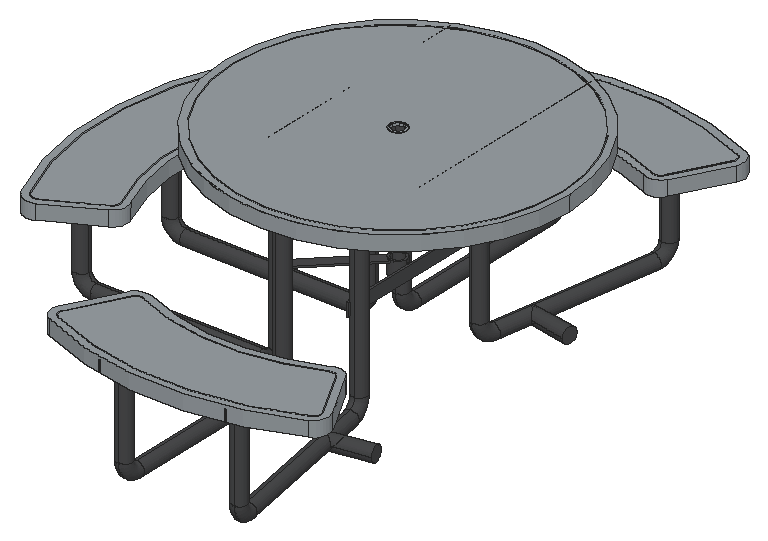
Revit family "OF-T46ROx-ADA", category Furniture, Revit 2020
Family settings
  Work Plane-Based = No
  Always vertical = Yes
  Cut with Voids When Loaded = No
  Shared = No
  Room Calculation Point = No
Parameters (values of type "OF-T46ROP-ADA")
  Top Panel [instance] = Getzen Gray Expanded
  Top Frame [instance] = Getzen Gray Solid
  Seat Panel [instance] = Getzen Gray Expanded
  Seat Frame [instance] = Getzen Gray Solid
  HS Seat Count = 6
  Frame [instance] = Getzen Black Solid
  Surface Mount = no
  Mount = no
  Model = "OF-T46ROP-ADA"
  In Ground = no
  ES Seat Count = 6
  Default Elevation = 0' - 0"
Types (3): name | Surface Mount | Mount | Model | In Ground
  OF-T46ROP-ADA | no | no | "OF-T46ROP-ADA" | no
  OF-T46ROSM-ADA | yes | yes | "OF-T46ROSM-ADA" | no
  OF-T46ROIG-ADA | no | yes | "OF-T46ROIG-ADA" | yes
Reference planes (in)
  plane 1 "Center (Front/Back)": y = 0
  plane 2: z = 0
  plane 3 "Center (Left/Right)": x = 0
  plane 4 "29"": z = 29.5
  plane 5 "Seat Height": z = 16.5
Forms (in)
  Extrusion 1, solid, material "Getzen Gray Solid" <- "Seat Frame"
    sketch origin (0, 0, 0) x (1, 0, 0) y (0, 1, 0)
      loop
        arc (-36.58456, -17.37296) -> (-35.39958, -18.41597) -> (-33.8273, -18.27467) r 2
        line (-33.8273, -18.27467) -> (-26.99715, -14.58479)
        arc (-26.99715, -14.58479) -> (-26.05096, -13.45927) -> (-26.13003, -11.991) r 2
        arc (-26.13003, -11.991) -> (-28.75, 0) -> (-26.13003, 11.991) r 28.75
        arc (-26.13003, 11.991) -> (-26.05096, 13.45927) -> (-26.99715, 14.58479) r 2
        line (-26.99715, 14.58479) -> (-33.8273, 18.27467)
        arc (-33.8273, 18.27467) -> (-35.39958, 18.41597) -> (-36.58456, 17.37296) r 2
        arc (-36.58456, 17.37296) -> (-40.5, 0) -> (-36.58456, -17.37296) r 40.5
      loop
        arc (-35.68124, 16.944) -> (-39.5, 0) -> (-35.68124, -16.944) r 39.5
        arc (-35.68124, -16.944) -> (-35.08875, -17.4655) -> (-34.30261, -17.39486) r 1
        line (-34.30261, -17.39486) -> (-27.47246, -13.70497)
        arc (-27.47246, -13.70497) -> (-26.99936, -13.14221) -> (-27.0389, -12.40808) r 1
        arc (-27.0389, -12.40808) -> (-29.75, 0) -> (-27.0389, 12.40808) r 29.75
        arc (-27.0389, 12.40808) -> (-26.99936, 13.14221) -> (-27.47246, 13.70497) r 1
        line (-27.47246, 13.70497) -> (-34.30261, 17.39486)
        arc (-34.30261, 17.39486) -> (-35.08875, 17.4655) -> (-35.68124, 16.944) r 1
    from 14.5 to 16.5
  Extrusion 2, solid, material "Getzen Gray Expanded" <- "Seat Panel"
    sketch origin (0, 0, 0) x (1, 0, 0) y (0, 1, 0)
      loop
        arc (-34.30261, 17.39486) -> (-35.08875, 17.4655) -> (-35.68124, 16.944) r 1
        arc (-35.68124, 16.944) -> (-39.5, 0) -> (-35.68124, -16.944) r 39.5
        arc (-35.68124, -16.944) -> (-35.08875, -17.4655) -> (-34.30261, -17.39486) r 1
        line (-34.30261, -17.39486) -> (-27.47246, -13.70497)
        arc (-27.47246, -13.70497) -> (-26.99936, -13.14221) -> (-27.0389, -12.40808) r 1
        arc (-27.0389, -12.40808) -> (-29.75, 0) -> (-27.0389, 12.40808) r 29.75
        arc (-27.0389, 12.40808) -> (-26.99936, 13.14221) -> (-27.47246, 13.70497) r 1
        line (-27.47246, 13.70497) -> (-34.30261, 17.39486)
    from 16.375 to 16.5
  Extrusion 3, solid, material "Getzen Gray Solid" <- "Top Frame"
    sketch origin (0, 0, 0) x (1, 0, 0) y (0, 1, 0)
      loop
        circle (0, 0) r 23
      loop
        circle (0, 0) r 22
    from 27.5 to 29.5
  Extrusion 4, solid, material "Getzen Gray Expanded" <- "Top Panel"
    sketch origin (0, 0, 0) x (1, 0, 0) y (0, 1, 0)
      loop
        circle (0, 0) r 22
      loop
        circle (0, 0) r 1.128
    from 29.375 to 29.5
  Extrusion 5, solid, material "Getzen Gray Solid" <- "Top Frame"
    sketch origin (0, 0, 1.5) x (0, 1, 0) y (0, 0, 1)
      loop
        line (8.5, 13) -> (8.5, 14.5) -> (8.375, 14.5) -> (8.375, 13.125) -> (6.5, 13.125) -> (6.5, 13) -> (8.5, 13)
      loop
        line (-8.5, 13) -> (-6.5, 13) -> (-6.5, 13.125) -> (-8.375, 13.125) -> (-8.375, 14.5) -> (-8.5, 14.5) -> (-8.5, 13)
    from -28.36081 to -39.48813
  Sweep 6, solid, material "Getzen Black Solid" <- "Frame"
    path origin (0, 0, 0) x (1, 0, 0) y (0, 0, 1)
      loop
        line (-10, 27.5) -> (-10, 3)
        arc (-10, 3) -> (-10.58579, 1.58579) -> (-12, 1) r 2
        line (-12, 1) -> (-34.375, 1)
        arc (-34.375, 1) -> (-35.78921, 1.58579) -> (-36.375, 3) r 2
        line (-36.375, 3) -> (-36.375, 14.5)
    profile origin (-10, 0, 15.25) x (0, -1, 0) y (1, 0, 0)
      loop
        circle (7.5, 0) r 1
  Sweep 7, solid, material "Getzen Black Solid" <- "Frame"
    path origin (0, -0.5, 0) x (1, 0, 0) y (0, 0, -1)
      loop
        line (-10, -27.5) -> (-10, -3)
        arc (-10, -3) -> (-10.58579, -1.58579) -> (-12, -1) r 2
        line (-12, -1) -> (-34.375, -1)
        arc (-34.375, -1) -> (-35.78921, -1.58579) -> (-36.375, -3) r 2
        line (-36.375, -3) -> (-36.375, -14.5)
    profile origin (-10, -0.5, 15.25) x (0, 1, 0) y (-1, 0, 0)
      loop
        circle (8, 0) r 1
  Extrusion 8, solid, material "Getzen Gray Solid" <- "Top Frame"
    sketch origin (0, 0, 0) x (1, 0, 0) y (0, 1, 0)
      loop
        line (-9.375, 9.375) -> (-9.375, -9.375) -> (9.375, -9.375) -> (9.375, 9.375) -> (-9.375, 9.375)
      loop
        line (9.625, 9.375) -> (20.375, 9.375) -> (20.125, 9.625) -> (9.625, 9.625) -> (9.625, 20.28281) -> (9.375, 20.375) -> (9.375, 9.625) -> (-9.375, 9.625) -> (-9.375, 20.375) -> (-9.625, 20.28281) -> (-9.625, 9.625) -> (-20.125, 9.625) -> (-20.375, 9.375) -> (-9.625, 9.375) -> (-9.625, -9.375) -> (-20.375, -9.375) -> (-20.125, -9.625) -> (-9.625, -9.625) -> (-9.625, -20.28281) -> (-9.375, -20.375) -> (-9.375, -9.625) -> (9.375, -9.625) -> (9.375, -20.375) -> (9.625, -20.28281) -> (9.625, -9.625) -> (20.125, -9.625) -> (20.375, -9.375) -> (9.625, -9.375) -> (9.625, 9.375)
    from 27.5 to 29.375
  Extrusion 9, solid, material "Getzen Gray Solid" <- "Seat Frame"
    sketch origin (0, 0, 0) x (0, 1, 0) y (-1, 0, 0)
      loop
        arc (-36.58456, -17.37296) -> (-35.39958, -18.41597) -> (-33.8273, -18.27467) r 2
        line (-33.8273, -18.27467) -> (-26.99715, -14.58479)
        arc (-26.99715, -14.58479) -> (-26.05096, -13.45927) -> (-26.13003, -11.991) r 2
        arc (-26.13003, -11.991) -> (-28.75, 0) -> (-26.13003, 11.991) r 28.75
        arc (-26.13003, 11.991) -> (-26.05096, 13.45927) -> (-26.99715, 14.58479) r 2
        line (-26.99715, 14.58479) -> (-33.8273, 18.27467)
        arc (-33.8273, 18.27467) -> (-35.39958, 18.41597) -> (-36.58456, 17.37296) r 2
        arc (-36.58456, 17.37296) -> (-40.5, 0) -> (-36.58456, -17.37296) r 40.5
      loop
        arc (-35.68124, 16.944) -> (-39.5, 0) -> (-35.68124, -16.944) r 39.5
        arc (-35.68124, -16.944) -> (-35.08875, -17.4655) -> (-34.30261, -17.39486) r 1
        line (-34.30261, -17.39486) -> (-27.47246, -13.70497)
        arc (-27.47246, -13.70497) -> (-26.99936, -13.14221) -> (-27.0389, -12.40808) r 1
        arc (-27.0389, -12.40808) -> (-29.75, 0) -> (-27.0389, 12.40808) r 29.75
        arc (-27.0389, 12.40808) -> (-26.99936, 13.14221) -> (-27.47246, 13.70497) r 1
        line (-27.47246, 13.70497) -> (-34.30261, 17.39486)
        arc (-34.30261, 17.39486) -> (-35.08875, 17.4655) -> (-35.68124, 16.944) r 1
    from 14.5 to 16.5
  Extrusion 10, solid, material "Getzen Gray Expanded" <- "Seat Panel"
    sketch origin (0, 0, 0) x (0, 1, 0) y (-1, 0, 0)
      loop
        arc (-34.30261, 17.39486) -> (-35.08875, 17.4655) -> (-35.68124, 16.944) r 1
        arc (-35.68124, 16.944) -> (-39.5, 0) -> (-35.68124, -16.944) r 39.5
        arc (-35.68124, -16.944) -> (-35.08875, -17.4655) -> (-34.30261, -17.39486) r 1
        line (-34.30261, -17.39486) -> (-27.47246, -13.70497)
        arc (-27.47246, -13.70497) -> (-26.99936, -13.14221) -> (-27.0389, -12.40808) r 1
        arc (-27.0389, -12.40808) -> (-29.75, 0) -> (-27.0389, 12.40808) r 29.75
        arc (-27.0389, 12.40808) -> (-26.99936, 13.14221) -> (-27.47246, 13.70497) r 1
        line (-27.47246, 13.70497) -> (-34.30261, 17.39486)
    from 16.375 to 16.5
  Extrusion 11, solid, material "Getzen Gray Solid" <- "Top Frame"
    sketch origin (0, 0, 1.5) x (-1, 0, 0) y (0, 0, 1)
      loop
        line (8.5, 13) -> (8.5, 14.5) -> (8.375, 14.5) -> (8.375, 13.125) -> (6.5, 13.125) -> (6.5, 13) -> (8.5, 13)
      loop
        line (-8.5, 13) -> (-6.5, 13) -> (-6.5, 13.125) -> (-8.375, 13.125) -> (-8.375, 14.5) -> (-8.5, 14.5) -> (-8.5, 13)
    from -28.36081 to -39.48813
  Extrusion 12, solid, material "Getzen Gray Solid" <- "Seat Frame"
    sketch origin (0, 0, 0) x (0, -1, 0) y (1, 0, 0)
      loop
        arc (-36.58456, 17.37296) -> (-40.5, 0) -> (-36.58456, -17.37296) r 40.5
        arc (-36.58456, -17.37296) -> (-35.39958, -18.41597) -> (-33.8273, -18.27467) r 2
        line (-33.8273, -18.27467) -> (-26.99715, -14.58479)
        arc (-26.99715, -14.58479) -> (-26.05096, -13.45927) -> (-26.13003, -11.991) r 2
        arc (-26.13003, -11.991) -> (-28.75, 0) -> (-26.13003, 11.991) r 28.75
        arc (-26.13003, 11.991) -> (-26.05096, 13.45927) -> (-26.99715, 14.58479) r 2
        line (-26.99715, 14.58479) -> (-33.8273, 18.27467)
        arc (-33.8273, 18.27467) -> (-35.39958, 18.41597) -> (-36.58456, 17.37296) r 2
      loop
        arc (-35.68124, -16.944) -> (-35.08875, -17.4655) -> (-34.30261, -17.39486) r 1
        line (-34.30261, -17.39486) -> (-27.47246, -13.70497)
        arc (-27.47246, -13.70497) -> (-26.99936, -13.14221) -> (-27.0389, -12.40808) r 1
        arc (-27.0389, -12.40808) -> (-29.75, 0) -> (-27.0389, 12.40808) r 29.75
        arc (-27.0389, 12.40808) -> (-26.99936, 13.14221) -> (-27.47246, 13.70497) r 1
        line (-27.47246, 13.70497) -> (-34.30261, 17.39486)
        arc (-34.30261, 17.39486) -> (-35.08875, 17.4655) -> (-35.68124, 16.944) r 1
        arc (-35.68124, 16.944) -> (-39.5, 0) -> (-35.68124, -16.944) r 39.5
    from 14.5 to 16.5
  Extrusion 13, solid, material "Getzen Gray Expanded" <- "Seat Panel"
    sketch origin (0, 0, 0) x (0, -1, 0) y (1, 0, 0)
      loop
        line (-34.30261, -17.39486) -> (-27.47246, -13.70497)
        arc (-27.47246, -13.70497) -> (-26.99936, -13.14221) -> (-27.0389, -12.40808) r 1
        arc (-27.0389, -12.40808) -> (-29.75, 0) -> (-27.0389, 12.40808) r 29.75
        arc (-27.0389, 12.40808) -> (-26.99936, 13.14221) -> (-27.47246, 13.70497) r 1
        line (-27.47246, 13.70497) -> (-34.30261, 17.39486)
        arc (-34.30261, 17.39486) -> (-35.08875, 17.4655) -> (-35.68124, 16.944) r 1
        arc (-35.68124, 16.944) -> (-39.5, 0) -> (-35.68124, -16.944) r 39.5
        arc (-35.68124, -16.944) -> (-35.08875, -17.4655) -> (-34.30261, -17.39486) r 1
    from 16.375 to 16.5
  Extrusion 14, solid, material "Getzen Gray Solid" <- "Top Frame"
    sketch origin (0, 0, 1.5) x (-1, 0, 0) y (0, 0, -1)
      loop
        line (8.5, -13) -> (6.5, -13) -> (6.5, -13.125) -> (8.375, -13.125) -> (8.375, -14.5) -> (8.5, -14.5) -> (8.5, -13)
      loop
        line (-8.5, -13) -> (-8.5, -14.5) -> (-8.375, -14.5) -> (-8.375, -13.125) -> (-6.5, -13.125) -> (-6.5, -13) -> (-8.5, -13)
    from -28.36081 to -39.48813
  Extrusion 15, solid, material "Getzen Black Solid" <- "Frame", visible <- "Mount"
    sketch origin (0, 0, 0) x (1, 0, 0) y (0, 1, 0)
      loop
        circle (-23.1875, 9) r 0.75
    from 0 to 0.4257
  Extrusion 16, solid, material "Getzen Hardware", visible <- "Mount"
    sketch origin (0, 0, 0) x (1, 0, 0) y (0, 1, 0)
      loop
        circle (-23.1875, 9) r 0.375
    from 0.25 to 0.5
  Extrusion 17, solid, material "Getzen Hardware", visible <- "Surface Mount"
    sketch origin (0, 0, 0) x (1, 0, 0) y (0, 1, 0)
      loop
        circle (-23.1875, 9) r 1
    from -2 to 0
  Extrusion 18, solid, material "Getzen Hardware", visible <- "In Ground"
    sketch origin (0, 0, 0) x (1, 0, 0) y (0, 1, 0)
      loop
        circle (-23.1875, 9) r 2
    from -8 to 0
  Sweep 19, solid, material "Getzen Black Solid" <- "Frame"
    path origin (0, 0, 0) x (0, -1, 0) y (0, 0, 1)
      loop
        line (-10, 27.5) -> (-10, 3)
        arc (-10, 3) -> (-10.58579, 1.58579) -> (-12, 1) r 2
        line (-12, 1) -> (-34.375, 1)
        arc (-34.375, 1) -> (-35.78921, 1.58579) -> (-36.375, 3) r 2
        line (-36.375, 3) -> (-36.375, 14.5)
    profile origin (0, 10, 15.25) x (-1, 0, 0) y (0, -1, 0)
      loop
        circle (7.5, 0) r 1
  Sweep 20, solid, material "Getzen Black Solid" <- "Frame"
    path origin (0.5, 0, 0) x (0, 1, 0) y (0, 0, -1)
      loop
        line (-10, -27.5) -> (-10, -3)
        arc (-10, -3) -> (-10.58579, -1.58579) -> (-12, -1) r 2
        line (-12, -1) -> (-34.375, -1)
        arc (-34.375, -1) -> (-35.78921, -1.58579) -> (-36.375, -3) r 2
        line (-36.375, -3) -> (-36.375, -14.5)
    profile origin (0.5, -10, 15.25) x (-1, 0, 0) y (0, -1, 0)
      loop
        circle (8, 0) r 1
  Extrusion 21, solid, material "Getzen Black Solid" <- "Frame", visible <- "Mount"
    sketch origin (0, 0, 0) x (0, 1, 0) y (-1, 0, 0)
      loop
        circle (-23.1875, 9) r 0.75
    from 0 to 0.4257
  Extrusion 22, solid, material "Getzen Hardware", visible <- "Mount"
    sketch origin (0, 0, 0) x (0, 1, 0) y (-1, 0, 0)
      loop
        circle (-23.1875, 9) r 0.375
    from 0.25 to 0.5
  Extrusion 23, solid, material "Getzen Hardware", visible <- "Surface Mount"
    sketch origin (0, 0, 0) x (0, 1, 0) y (-1, 0, 0)
      loop
        circle (-23.1875, 9) r 1
    from -2 to 0
  Extrusion 24, solid, material "Getzen Hardware", visible <- "In Ground"
    sketch origin (0, 0, 0) x (0, 1, 0) y (-1, 0, 0)
      loop
        circle (-23.1875, 9) r 2
    from -8 to 0
  Extrusion 25, solid, material "Getzen Black Solid" <- "Frame"
    sketch origin (0, 0, 0) x (1, 0, 0) y (0, 1, 0)
      loop
        line (-9.375, 8.28062) -> (-1.24327, 0.1489) -> (-0.1489, 1.24327) -> (-8.28062, 9.375) -> (-9.375, 8.28062)
      loop
        line (-9.375, -8.28062) -> (-8.28062, -9.375) -> (-0.1489, -1.24327) -> (-1.24327, -0.1489) -> (-9.375, -8.28062)
    from 13.75 to 14
  Extrusion 26, solid, material "Getzen Black Solid" <- "Frame"
    sketch origin (0, 0, 0) x (1, 0, 0) y (0, 1, 0)
      loop
        circle (0, 0) r 1.128
      loop
        circle (0, 0) r 0.875
    from 12 to 14
  Extrusion 27, solid, material "Getzen Black Solid" <- "Frame"
    sketch origin (0, 0, 0) x (1, 0, 0) y (0, 1, 0)
      loop
        line (-9.375, 8.28062) -> (-9.19822, 8.10385) -> (-8.10385, 9.19822) -> (-8.28062, 9.375) -> (-9.375, 8.28062)
      loop
        line (-9.375, -8.28062) -> (-8.28062, -9.375) -> (-8.10385, -9.19822) -> (-9.19822, -8.10385) -> (-9.375, -8.28062)
      loop
        line (1.625, 10.5) -> (1.625, 0.125) -> (1.01113, 0.125) -> (1.01113, -0.125) -> (1.6051, -0.125) -> (1.6051, -10.5) -> (1.875, -10.5) -> (1.875, 10.5) -> (1.625, 10.5)
    from 12 to 13.75
  Extrusion 28, solid, material "Getzen Gray Solid" <- "Top Frame"
    sketch origin (0, 0, 0) x (1, 0, 0) y (0, 1, 0)
      loop
        circle (0, 0) r 0.875
      loop
        circle (0, 0) r 1.128
    from 29.25 to 29.5
  Sweep 29, solid, material "Getzen Black Solid" <- "Frame"
    path origin (-6.77783, 1.56336, 0) x (-0.175744, -0.984436, 0) y (0, 0, -1)
      loop
        line (-10, -27.5) -> (-10, -3)
        arc (-10, -3) -> (-10.58579, -1.58579) -> (-12, -1) r 2
        line (-12, -1) -> (-34.375, -1)
        arc (-34.375, -1) -> (-35.78921, -1.58579) -> (-36.375, -3) r 2
        line (-36.375, -3) -> (-36.375, -14.5)
    profile origin (-5.02039, 11.40772, 15.25) x (0.984436, -0.175744, 0) y (0.175744, 0.984436, 0)
      loop
        circle (8, 0) r 1
  Extrusion 30, solid, material "Getzen Black Solid" <- "Frame"
    sketch origin (2.027, -0.36152, 0) x (-0.175581, -0.984465, 0) y (0, 0, 1)
      loop
        circle (-17.67404, 1) r 1
    from -5 to 1
  Sweep 31, solid, material "Getzen Black Solid" <- "Frame"
    path origin (-6.77783, -1.56336, 0) x (-0.175744, 0.984436, 0) y (0, 0, 1)
      loop
        line (-10, 27.5) -> (-10, 3)
        arc (-10, 3) -> (-10.58579, 1.58579) -> (-12, 1) r 2
        line (-12, 1) -> (-34.375, 1)
        arc (-34.375, 1) -> (-35.78921, 1.58579) -> (-36.375, 3) r 2
        line (-36.375, 3) -> (-36.375, 14.5)
    profile origin (-5.02039, -11.40772, 15.25) x (0.984436, 0.175744, 0) y (-0.175744, 0.984436, 0)
      loop
        circle (8, 0) r 1
  Extrusion 32, solid, material "Getzen Black Solid" <- "Frame"
    sketch origin (2.027, 0.36152, 0) x (-0.175581, 0.984465, 0) y (0, 0, -1)
      loop
        circle (-17.67404, -1) r 1
    from -5 to 1
Dimensions and locks (in)
  plane 4 "29"" to level = 2' - 5 1/2"
  plane 5 "Seat Height" to level = 1' - 4 1/2"
  aligned and locked: plane 2 to level
